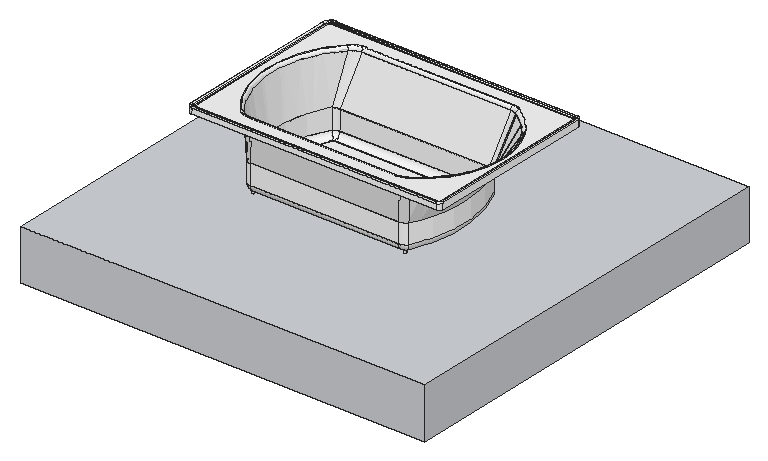
Revit family
Parameters (values of type "Vitreous_China-0-White")
  Width = 5' - 0"
  Waste Connection = yes
  WFU = 0
  Voltage = 120 V
  URL = "http://www.sterlingplumbing.com"
  Sanitary Radius = 1"
  Sanitary Diameter = Sanitary Radius * 2  # 2"
  Sanitary Connector = "Sanitary Connection"  # constant formula
  Product Page URL = "http://search.sterlingplumbing.com/?q=77281100"
  Product Documentation Link = "http://www.sterlingplumbing.com/onlinecatalog/pdf/1139490_4.pdf"
  Phase = 1
  Model = "77281100"  # constant formula
  Manufacturer = "Sterling"  # constant formula
  Length = 3' - 6"
  Height = 1' - 8 5/16"
  Frequency = 60 Hz
  Finish = Vitreous China-Kohler-0-White
  Electrical Disconnect = yes
  Electric Connector = "Electrical Connection"  # constant formula
  Description = "Lawson 42inch Drop-In Air Massage Bath"  # constant formula
  Default Elevation = 0' - 0"
  Created By = "http://medialab3dstudio.com"
  Assembly Code = "D2010510"
Types (4): name | Finish
  (no name) | Vitreous China-Kohler-0-White
  Vitreous_China-0-White | Vitreous China-Kohler-0-White
  Vitreous_China-47-Almond | Vitreous China-Kohler-47-Almond
  Vitreous_China-96-Biscuit | Vitreous China-Kohler-96-Biscuit
Reference planes
  plane 1 "Center (Front/Back)": y = 0
  plane 2 "Bottom": z = 0
  plane 3 "Center (Left/Right)": x = 0
  plane 4: x = -539.778
  plane 5 "Left": x = -762
  plane 6 "Right": x = 762
  plane 7 "Top": z = 515.938
  plane 8: y = 533.4
  plane 9: y = -533.4
Forms (mm)
  Extrusion 1, solid
    sketch origin (0, 0, 0) x (1, 0, 0) y (0, 1, 0)
      loop
        line (-1219.2, 1219.2) -> (-1219.2, -1219.2) -> (1219.2, -1219.2) -> (1219.2, 1219.2) -> (-1219.2, 1219.2)
    from 0 to -304.8
  Sweep 2, solid, material "Vitreous China-Kohler-0-White" <- "Finish", detail levels fine
    path origin (0, 0, 0) x (1, 0, 0) y (0, 1, 0)
      loop
        arc (-748.273, -505.501) -> (-742.436, -515.446) -> (-731.706, -519.673) r 17.669
        line (-731.706, -519.673) -> (740.065, -519.673)
        arc (740.065, -519.673) -> (745.506, -515.686) -> (748.273, -509.534) r 13.226
        line (748.273, -509.534) -> (748.273, 510.272)
        arc (748.273, 510.272) -> (743.903, 517.268) -> (736.119, 519.999) r 12.453
        line (736.119, 519.999) -> (-728.609, 519.672)
        arc (-728.609, 519.672) -> (-746.22, 503.187) -> (-748.273, 479.152) r 33.65
        line (-748.273, 479.152) -> (-748.273, -505.501)
    profile origin (-748.273, -13.174, 0) x (-1, 0, 0) y (0, 0, 1)
      loop
        line (13.727, 476.168) -> (12.817, 511.52)
        arc (12.817, 511.52) -> (11.505, 514.686) -> (8.339, 515.998) r 4.478
        arc (8.339, 515.998) -> (4.696, 514.953) -> (2.16, 512.137) r 6.874
        arc (2.16, 512.137) -> (-0.612, 509.112) -> (-4.585, 508.084) r 7.224
        line (-4.585, 508.084) -> (-7.464, 508.084) -> (-7.464, 476.168) -> (13.727, 476.168)
  Extrusion 3, solid, material "Vitreous China-Kohler-0-White" <- "Finish", detail levels fine
    sketch origin (0, 0, 0) x (1, 0, 0) y (0, 1, 0)
      loop
        arc (-740.489, -509.265) -> (-739.333, -511.052) -> (-737.546, -512.209) r 5.082
        line (-737.546, -512.209) -> (737.593, -512.209)
        arc (737.593, -512.209) -> (739.362, -511.081) -> (740.489, -509.312) r 4.857
        line (740.489, -509.312) -> (740.489, 509.286)
        arc (740.489, 509.286) -> (738.66, 511.643) -> (735.813, 512.535) r 4.989
        line (735.813, 512.535) -> (-737.584, 512.206)
        arc (-737.584, 512.206) -> (-739.356, 511.073) -> (-740.489, 509.301) r 4.896
        line (-740.489, 509.301) -> (-740.489, -509.265)
      loop
        arc (-544.637, -403.273) -> (-511.987, -427.06) -> (-472.478, -435.476) r 96.947
        line (-472.478, -435.476) -> (429.125, -435.476)
        arc (429.125, -435.476) -> (455.763, -429.161) -> (480.478, -417.388) r 129.509
        arc (480.478, -417.388) -> (714.481, 0.784) -> (480.478, 418.956) r 490.645
        arc (480.478, 418.956) -> (456.245, 431.916) -> (429.132, 436.395) r 84.308
        line (429.132, 436.395) -> (-470.013, 436.395)
        arc (-470.013, 436.395) -> (-510.985, 424.728) -> (-544.637, 398.607) r 112.015
        arc (-544.637, 398.607) -> (-695.42, -2.333) -> (-544.637, -403.273) r 608.453
    from 476.168 to 508.084
  Sweep 4, solid, material "Vitreous China-Kohler-0-White" <- "Finish", detail levels fine
    path origin (0, 0, 0) x (1, 0, 0) y (0, 1, 0)
      loop
        arc (480.478, 418.956) -> (456.245, 431.916) -> (429.132, 436.395) r 84.308
        line (429.132, 436.395) -> (-470.013, 436.395)
        arc (-470.013, 436.395) -> (-510.985, 424.728) -> (-544.637, 398.607) r 112.015
        arc (-544.637, 398.607) -> (-695.42, -2.333) -> (-544.637, -403.273) r 608.453
        arc (-544.637, -403.273) -> (-511.987, -427.06) -> (-472.478, -435.476) r 96.947
        line (-472.478, -435.476) -> (429.125, -435.476)
        arc (429.125, -435.476) -> (455.763, -429.161) -> (480.478, -417.388) r 129.509
        arc (480.478, -417.388) -> (714.481, 0.784) -> (480.478, 418.956) r 490.645
    profile origin (714.481, 0.784, 0) x (1, 0, 0) y (0, 0, 1)
      loop
        arc (0, 508.084) -> (-12.224, 500.351) -> (-17.717, 486.97) r 23.815
        line (-17.717, 486.97) -> (-14.53, 486.97)
        arc (-14.53, 486.97) -> (-9.975, 498.088) -> (0, 504.785) r 20.64
        line (0, 504.785) -> (0, 508.084)
  Blend 5, solid, material "Vitreous China-Kohler-0-White" <- "Finish", detail levels fine
    base sketch origin (0, 0, 0) x (1, 0, 0) y (0, 1, 0)
      loop
        arc (-535.929, 338.416) -> (-557.459, 333.54) -> (-576.164, 321.815) r 65.779
        arc (-576.164, 321.815) -> (-659.773, 3.296) -> (-576.427, -315.293) r 649.548
        arc (-576.427, -315.293) -> (-559.175, -332.93) -> (-535.411, -339.558) r 47.59
        line (-535.411, -339.558) -> (359.189, -339.558)
        arc (359.189, -339.558) -> (384.114, -333.317) -> (404.859, -318.157) r 67.027
        arc (404.859, -318.157) -> (480.127, 0.382) -> (404.85, 318.919) r 711.629
        arc (404.85, 318.919) -> (384.186, 333.335) -> (359.508, 338.416) r 62.47
        line (359.508, 338.416) -> (-535.929, 338.416)
    top sketch origin (0, 0, 0) x (1, 0, 0) y (0, 1, 0)
      loop
        line (429.132, 421.865) -> (-469.366, 421.865)
        arc (-469.366, 421.865) -> (-504.69, 411.628) -> (-533.708, 389.033) r 97.485
        arc (-533.708, 389.033) -> (-680.89, -2.289) -> (-533.767, -393.632) r 593.923
        arc (-533.767, -393.632) -> (-506.028, -413.809) -> (-472.478, -420.946) r 82.417
        line (-472.478, -420.946) -> (428.174, -420.946)
        arc (428.174, -420.946) -> (451.357, -415.307) -> (472.878, -405.004) r 114.979
        arc (472.878, -405.004) -> (699.951, 1.179) -> (472.205, 406.984) r 476.115
        arc (472.205, 406.984) -> (451.917, 418.04) -> (429.132, 421.865) r 69.778
    from 194.797 to 486.97
  Extrusion 6, solid, material "Vitreous China-Kohler-0-White" <- "Finish", detail levels fine
    sketch origin (0, 0, 0) x (1, 0, 0) y (0, 1, 0)
      loop
        line (359.508, 335.241) -> (-535.842, 335.241)
        arc (-535.842, 335.241) -> (-556.046, 330.688) -> (-573.659, 319.792) r 62.604
        arc (-573.659, 319.792) -> (-656.598, 3.028) -> (-573.659, -313.737) r 646.373
        arc (-573.659, -313.737) -> (-557.565, -330.193) -> (-535.395, -336.383) r 44.415
        line (-535.395, -336.383) -> (359.105, -336.383)
        arc (359.105, -336.383) -> (382.601, -330.519) -> (402.224, -316.327) r 63.852
        arc (402.224, -316.327) -> (476.952, 0.372) -> (402.224, 317.072) r 708.454
        arc (402.224, 317.072) -> (382.718, 330.51) -> (359.508, 335.241) r 59.295
      loop
        line (359.508, 338.416) -> (-535.929, 338.416)
        arc (-535.929, 338.416) -> (-557.459, 333.54) -> (-576.164, 321.815) r 65.779
        arc (-576.164, 321.815) -> (-659.773, 3.296) -> (-576.427, -315.293) r 649.548
        arc (-576.427, -315.293) -> (-559.175, -332.93) -> (-535.411, -339.558) r 47.59
        line (-535.411, -339.558) -> (359.189, -339.558)
        arc (359.189, -339.558) -> (384.114, -333.317) -> (404.859, -318.157) r 67.027
        arc (404.859, -318.157) -> (480.127, 0.382) -> (404.85, 318.919) r 711.629
        arc (404.85, 318.919) -> (384.186, 333.335) -> (359.508, 338.416) r 62.47
    from 74.782 to 194.797
  Sweep 7, solid, material "Vitreous China-Kohler-0-White" <- "Finish", detail levels fine
    path origin (0, 0, 0) x (1, 0, 0) y (0, 1, 0)
      loop
        arc (-573.659, -313.737) -> (-557.565, -330.193) -> (-535.395, -336.383) r 44.415
        line (-535.395, -336.383) -> (359.105, -336.383)
        arc (359.105, -336.383) -> (382.601, -330.519) -> (402.224, -316.327) r 63.852
        arc (402.224, -316.327) -> (476.952, 0.372) -> (402.224, 317.072) r 708.454
        arc (402.224, 317.072) -> (382.718, 330.51) -> (359.508, 335.241) r 59.295
        line (359.508, 335.241) -> (-535.842, 335.241)
        arc (-535.842, 335.241) -> (-556.046, 330.688) -> (-573.659, 319.792) r 62.604
        arc (-573.659, 319.792) -> (-656.598, 3.028) -> (-573.659, -313.737) r 646.373
    profile origin (-656.598, 3.028, 0) x (-1, 0, 0) y (0, 0, 1)
      loop
        line (-39.015, 35.767) -> (-39.015, 32.592)
        arc (-39.015, 32.592) -> (-9.182, 44.949) -> (3.175, 74.782) r 42.19
        line (3.175, 74.782) -> (0, 74.782)
        arc (0, 74.782) -> (-11.427, 47.194) -> (-39.015, 35.767) r 39.015
  Extrusion 8, solid, material "Vitreous China-Kohler-0-White" <- "Finish", detail levels fine
    sketch origin (0, 0, 0) x (1, 0, 0) y (0, 1, 0)
      loop
        circle (-539.778, 0) r 50.8
      loop
        line (359.508, 296.226) -> (-534.5, 296.226)
        arc (-534.5, 296.226) -> (-539.214, 295.308) -> (-543.644, 293.454) r 23.589
        arc (-543.644, 293.454) -> (-617.569, -1.097) -> (-539.651, -294.617) r 607.358
        arc (-539.651, -294.617) -> (-537.738, -296.591) -> (-535.101, -297.368) r 5.399
        line (-535.101, -297.368) -> (357.812, -297.368)
        arc (357.812, -297.368) -> (364.446, -295.859) -> (370.422, -292.607) r 24.837
        arc (370.422, -292.607) -> (437.937, 0.119) -> (370.643, 292.896) r 669.439
        arc (370.643, 292.896) -> (365.319, 295.376) -> (359.508, 296.226) r 20.28
    from 32.592 to 35.767
  Revolve 9, solid, material "Vitreous China-Kohler-0-White" <- "Finish", detail levels fine
    sketch origin (-0.053, 0, 8.693) x (1, 0, 0) y (0, 0, 1)
      loop
        line (-574.967, 13.995) -> (-571.528, 13.995)
        arc (-571.528, 13.995) -> (-578.617, 23.265) -> (-589.647, 27.077) r 20.229
        line (-589.647, 27.077) -> (-592.591, 27.077) -> (-592.591, 23.899) -> (-589.647, 23.899)
        arc (-589.647, 23.899) -> (-580.921, 21.002) -> (-574.967, 13.995) r 17.054
      axis (-539.725, 13.995) -> (-539.725, 27.077)
    angle from 0 to 360
  Blend 10, solid, material "Vitreous China-Kohler-0-White" <- "Finish", detail levels fine
    base sketch origin (0.445, -50.675, 0) x (1, 0, 0) y (0, 1, 0)
      loop
        circle (-565, -228.6) r 7.577
    top sketch origin (0.445, -50.675, 0) x (1, 0, 0) y (0, 1, 0)
      loop
        circle (-565, -228.6) r 12.7
    from 0 to 32.592
  Blend 11, solid, material "Vitreous China-Kohler-0-White" <- "Finish", detail levels fine
    base sketch origin (914.936, -50.819, 0) x (1, 0, 0) y (0, 1, 0)
      loop
        circle (-565, -228.6) r 7.577
    top sketch origin (914.936, -50.819, 0) x (1, 0, 0) y (0, 1, 0)
      loop
        circle (-565, -228.6) r 12.7
    from 0 to 32.592
  Blend 12, solid, material "Vitreous China-Kohler-0-White" <- "Finish", detail levels fine
    base sketch origin (914.936, 509.045, 0) x (1, 0, 0) y (0, 1, 0)
      loop
        circle (-565, -228.6) r 7.577
    top sketch origin (914.936, 509.045, 0) x (1, 0, 0) y (0, 1, 0)
      loop
        circle (-565, -228.6) r 12.7
    from 0 to 32.592
  Blend 13, solid, material "Vitreous China-Kohler-0-White" <- "Finish", detail levels fine
    base sketch origin (-0.874, 51.95, 0) x (1, 0, 0) y (0, 1, 0)
      loop
        circle (-565, 228.6) r 7.577
    top sketch origin (-0.874, 51.95, 0) x (1, 0, 0) y (0, 1, 0)
      loop
        circle (-565, 228.6) r 12.7
    from 0 to 32.592
  Extrusion 14, solid, material "Vitreous China-Kohler-0-White" <- "Finish", not visible, detail levels fine
    sketch origin (0, 0, 0) x (1, 0, 0) y (0, 1, 0)
      loop
        circle (-546.181, 0) r 25.4
    from 24.659 to 22.688
  Extrusion 15, solid, material "Vitreous China-Kohler-0-White" <- "Finish", detail levels coarse+medium
    sketch origin (0, 0, 0) x (1, 0, 0) y (0, 1, 0)
      loop
        line (-762, 533.4) -> (-762, -533.4) -> (762, -533.4) -> (762, 533.4) -> (-762, 533.4)
    from 0 to 515.938
  Blend 16, void
    base sketch origin (0, 0, 0) x (1, 0, 0) y (0, 1, 0)
      loop
        arc (402.224, 317.072) -> (382.718, 330.51) -> (359.508, 335.241) r 59.295
        line (359.508, 335.241) -> (-535.842, 335.241)
        arc (-535.842, 335.241) -> (-556.046, 330.688) -> (-573.659, 319.792) r 62.604
        arc (-573.659, 319.792) -> (-656.598, 3.028) -> (-573.659, -313.737) r 646.373
        arc (-573.659, -313.737) -> (-557.565, -330.193) -> (-535.395, -336.383) r 44.415
        line (-535.395, -336.383) -> (359.105, -336.383)
        arc (359.105, -336.383) -> (382.601, -330.519) -> (402.224, -316.327) r 63.852
        arc (402.224, -316.327) -> (476.952, 0.372) -> (402.224, 317.072) r 708.454
    top sketch origin (0, 0, 0) x (1, 0, 0) y (0, 1, 0)
      loop
        arc (470.389, 404.373) -> (450.967, 415.009) -> (429.132, 418.69) r 66.603
        line (429.132, 418.69) -> (-469.218, 418.69)
        arc (-469.218, 418.69) -> (-503.312, 408.767) -> (-531.32, 386.94) r 94.31
        arc (-531.32, 386.94) -> (-677.715, -2.278) -> (-531.392, -391.524) r 590.748
        arc (-531.392, -391.524) -> (-504.726, -410.913) -> (-472.478, -417.771) r 79.242
        line (-472.478, -417.771) -> (427.958, -417.771)
        arc (427.958, -417.771) -> (450.391, -412.281) -> (471.217, -402.298) r 111.804
        arc (471.217, -402.298) -> (696.776, 1.27) -> (470.389, 404.373) r 472.94
    from 194.797 to 486.97
  Extrusion 17, solid, material "Vitreous China-Kohler-0-White" <- "Finish", not visible, detail levels fine
    sketch origin (0, 0, 0) x (0, 1, 0) y (0, 0, 1)
      loop
        line (-12.7, 168.266) -> (-12.7, 142.866) -> (12.7, 142.866) -> (12.7, 168.266) -> (-12.7, 168.266)
    from 762 to 769.968
Cuts and joins
  joined: Sweep 4, Extrusion 6
  joined: Extrusion 8, Revolve 9
  Blend 16 cuts Blend 5
Lines and regions (mm)
  Masking region 1, detail levels coarse
    outline origin (0, 0, 0) x (1, 0, 0) y (0, 0, 1)
      loop
        line (-762, 515.938) -> (-762, 0) -> (762, 0) -> (762, 515.938) -> (-762, 515.938)
  Masking region 2, detail levels medium+fine
    outline origin (0, 0, 0) x (1, 0, 0) y (0, 0, 1)
      loop
        line (-678.607, 476.108) -> (-667.432, 194.797) -> (-667.432, 74.782)
        arc (-667.432, 74.782) -> (-655.074, 44.949) -> (-625.242, 32.592) r 42.19
        line (-625.242, 32.592) -> (-590.4, 32.592)
        arc (-590.4, 32.592) -> (-581.237, 29.928) -> (-575.02, 22.688) r 16.731
        line (-575.02, 22.688) -> (-569.415, 22.688) -> (-565.849, 0) -> (-550.694, 0) -> (-546.876, 22.688) -> (-504.535, 22.688)
        arc (-504.535, 22.688) -> (-498.709, 29.885) -> (-489.855, 32.592) r 15.832
        line (-489.855, 32.592) -> (365.382, 32.592) -> (370.504, 0) -> (385.659, 0) -> (390.886, 32.592) -> (435.532, 32.592)
        arc (435.532, 32.592) -> (465.365, 44.949) -> (477.722, 74.782) r 42.19
        line (477.722, 74.782) -> (477.722, 194.797) -> (687.901, 476.108) -> (761.681, 476.108) -> (760.77, 511.46)
        arc (760.77, 511.46) -> (759.459, 514.626) -> (756.293, 515.938) r 4.478
        line (756.293, 515.938) -> (-756.293, 515.938)
        arc (-756.293, 515.938) -> (-759.459, 514.626) -> (-760.77, 511.46) r 4.478
        line (-760.77, 511.46) -> (-761.681, 476.108) -> (-678.607, 476.108)
  Masking region 3, detail levels coarse
    outline origin (0, 0, 0) x (0, 1, 0) y (0, 0, 1)
      loop
        line (533.4, 515.937) -> (-533.4, 515.937) -> (-533.4, 0) -> (533.4, 0) -> (533.4, 515.937)
  Masking region 4, detail levels coarse
    outline origin (0, 0, 0) x (1, 0, 0) y (0, 1, 0)
      loop
        line (-762, 533.4) -> (-762, -533.4) -> (762, -533.4) -> (762, 533.4) -> (-762, 533.4)
  Masking region 5, detail levels medium+fine
    outline origin (0, 0, 0) x (1, 0, 0) y (0, 1, 0)
      loop
        line (-762, 477.376) -> (-762, -506.67)
        arc (-762, -506.67) -> (-751.82, -525.476) -> (-731.958, -533.4) r 31.397
        line (-731.958, -533.4) -> (742.197, -533.4)
        arc (742.197, -533.4) -> (755.626, -524.98) -> (762, -510.468) r 26.953
        line (762, -510.468) -> (762, 511.512)
        arc (762, 511.512) -> (753.172, 527.413) -> (736.116, 533.726) r 26.18
        line (736.116, 533.726) -> (-731.056, 533.399)
        arc (-731.056, 533.399) -> (-757.418, 511.402) -> (-762, 477.376) r 47.378
  Masking region 6, detail levels medium+fine
    outline origin (0, 0, 0) x (0, 1, 0) y (0, 0, 1)
      loop
        arc (532.489, 511.511) -> (531.408, 514.428) -> (528.687, 515.937) r 4.478
        line (528.687, 515.937) -> (-528.745, 515.937)
        arc (-528.745, 515.937) -> (-531.428, 514.415) -> (-532.49, 511.52) r 4.478
        line (-532.49, 511.52) -> (-533.4, 476.168) -> (-417.937, 476.168) -> (-339.558, 194.797) -> (-339.558, 74.782)
        arc (-339.558, 74.782) -> (-327.201, 44.949) -> (-297.368, 32.592) r 42.19
        line (-297.368, 32.592) -> (-292.159, 32.592) -> (-286.997, 0) -> (-271.737, 0) -> (-266.575, 32.592) -> (-233.794, 32.592) -> (-228.632, 0) -> (-212.682, 0) -> (-207.52, 32.592) -> (-49.923, 32.592)
        arc (-49.923, 32.592) -> (-41.068, 29.885) -> (-35.242, 22.688) r 15.832
        line (-35.242, 22.688) -> (35.242, 22.688)
        arc (35.242, 22.688) -> (41.068, 29.885) -> (49.923, 32.592) r 15.832
        line (49.923, 32.592) -> (207.507, 32.592) -> (212.669, 0) -> (232.857, 0) -> (238.076, 32.592) -> (267.835, 32.592) -> (272.997, 0) -> (288.292, 0) -> (293.454, 32.592) -> (296.226, 32.592)
        arc (296.226, 32.592) -> (326.059, 44.949) -> (338.416, 74.782) r 42.19
        line (338.416, 74.782) -> (338.416, 194.797) -> (418.78, 476.168) -> (533.399, 476.168) -> (532.489, 511.511)
  symbolic lines, style "Masking Lines", detail levels fine
    curve 1: line (-761.681, 0, 476.108) -> (761.681, 0, 476.108)
    curve 2: line (-625.242, 0, 32.592) -> (435.532, 0, 32.592)
    curve 3: line (-570.972, 0, 32.592) -> (-565.849, 0, 0)
    curve 4: line (-545.572, 0, 32.592) -> (-550.694, 0, 0)
    curve 5: line (0, -239.502, 32.592) -> (0, 238.732, 32.592)
    curve 6: line (0, -406.435, 476.168) -> (0, 406.764, 476.168)
    curve 7: line (-470.013, 436.395, 0) -> (429.132, 436.395, 0)
    curve 8: arc (429.132, 436.395, 0) -> (456.245, 431.916, 0) -> (480.478, 418.956, 0) r 84.308
    curve 9: arc (480.478, 418.956, 0) -> (714.481, 0.784, 0) -> (480.478, -417.388, 0) r 490.645
    curve 10: arc (480.478, -417.388, 0) -> (455.763, -429.161, 0) -> (429.125, -435.476, 0) r 129.509
    curve 11: line (429.125, -435.476, 0) -> (-472.478, -435.476, 0)
    curve 12: arc (-472.478, -435.476, 0) -> (-511.987, -427.06, 0) -> (-544.637, -403.273, 0) r 96.947
    curve 13: arc (-544.637, -403.273, 0) -> (-695.42, -2.333, 0) -> (-544.637, 398.607, 0) r 608.453
    curve 14: arc (-544.637, 398.607, 0) -> (-510.985, 424.728, 0) -> (-470.013, 436.395, 0) r 112.015
    curve 15: arc (-727.679, 515.088, 0) -> (-742.411, 500.511, 0) -> (-743.688, 479.825, 0) r 29.066
    curve 16: line (-743.688, 479.825, 0) -> (-743.688, -505.01, 0)
    curve 17: arc (-743.688, -505.01, 0) -> (-739.329, -512.069, 0) -> (-731.6, -515.088, 0) r 13.085
    curve 18: line (-731.6, -515.088, 0) -> (739.1, -515.088, 0)
    curve 19: arc (739.1, -515.088, 0) -> (742.079, -512.628, 0) -> (743.688, -509.115, 0) r 8.641
    curve 20: line (743.688, -509.115, 0) -> (743.688, 509.705, 0)
    curve 21: arc (743.688, 509.705, 0) -> (740.86, 513.827, 0) -> (736.12, 515.414, 0) r 7.868
    curve 22: line (736.12, 515.414, 0) -> (-727.679, 515.088, 0)
    curve 23: arc (470.389, 404.373, 0) -> (696.776, 1.27, 0) -> (471.217, -402.298, 0) r 472.94
    curve 24: arc (471.217, -402.298, 0) -> (450.391, -412.281, 0) -> (427.958, -417.771, 0) r 111.804
    curve 25: line (427.958, -417.771, 0) -> (-472.478, -417.771, 0)
    curve 26: arc (-472.478, -417.771, 0) -> (-504.726, -410.913, 0) -> (-531.392, -391.524, 0) r 79.242
    curve 27: arc (-531.392, -391.524, 0) -> (-677.715, -2.278, 0) -> (-531.32, 386.94, 0) r 590.748
    curve 28: arc (-531.32, 386.94, 0) -> (-503.312, 408.767, 0) -> (-469.218, 418.69, 0) r 94.31
    curve 29: line (-469.218, 418.69, 0) -> (429.132, 418.69, 0)
    curve 30: arc (429.132, 418.69, 0) -> (450.967, 415.009, 0) -> (470.389, 404.373, 0) r 66.603
    curve 31: arc (359.508, 335.241, 0) -> (382.718, 330.51, 0) -> (402.224, 317.072, 0) r 59.295
    curve 32: arc (402.224, 317.072, 0) -> (476.952, 0.372, 0) -> (402.224, -316.327, 0) r 708.454
    curve 33: arc (402.224, -316.327, 0) -> (382.601, -330.519, 0) -> (359.105, -336.383, 0) r 63.852
    curve 34: line (359.105, -336.383, 0) -> (-535.395, -336.383, 0)
    curve 35: arc (-535.395, -336.383, 0) -> (-557.565, -330.193, 0) -> (-573.659, -313.737, 0) r 44.415
    curve 36: arc (-573.659, -313.737, 0) -> (-656.598, 3.028, 0) -> (-573.659, 319.792, 0) r 646.373
    curve 37: arc (-573.659, 319.792, 0) -> (-556.046, 330.688, 0) -> (-535.842, 335.241, 0) r 62.604
    curve 38: line (-535.842, 335.241, 0) -> (359.508, 335.241, 0)
    curve 39: line (359.508, 296.226, 0) -> (-534.5, 296.226, 0)
    curve 40: arc (370.643, 292.896, 0) -> (365.319, 295.376, 0) -> (359.508, 296.226, 0) r 20.28
    curve 41: arc (370.422, -292.607, 0) -> (437.937, 0.119, 0) -> (370.643, 292.896, 0) r 669.439
    curve 42: arc (357.812, -297.368, 0) -> (364.446, -295.859, 0) -> (370.422, -292.607, 0) r 24.837
    curve 43: line (-535.101, -297.368, 0) -> (357.812, -297.368, 0)
    curve 44: arc (-539.651, -294.617, 0) -> (-537.738, -296.591, 0) -> (-535.101, -297.368, 0) r 5.399
    curve 45: arc (-543.644, 293.454, 0) -> (-617.569, -1.097, 0) -> (-539.651, -294.617, 0) r 607.358
    curve 46: arc (-534.5, 296.226, 0) -> (-539.214, 295.308, 0) -> (-543.644, 293.454, 0) r 23.589
    curve 47: arc (-489.855, 0, 0) -> (-539.778, 49.923, 0) -> (-589.7, 0, 0) r 49.923
    curve 48: arc (-589.7, 0, 0) -> (-539.778, -49.923, 0) -> (-489.855, 0, 0) r 49.923
    curve 49: arc (-571.581, 0, 0) -> (-539.831, -31.75, 0) -> (-508.081, 0, 0) r 31.75
    curve 50: arc (-508.081, 0, 0) -> (-539.831, 31.75, 0) -> (-571.581, 0, 0) r 31.75
    curve 51: line (0, 293.454, 32.592) -> (0, -294.617, 32.592)
    curve 52: line (0, 418.956, 476.168) -> (0, -417.937, 476.168)
Dimensions and locks
  "Width": plane 5 "Left" to plane 6 "Right"
  "Height": plane 7 "Top" to plane 2 "Bottom"
  "Length": plane 8 to plane 9
  equal spacing: plane 8, plane 1 "Center (Front/Back)", plane 9
  "Sanitary Radius": radius of Extrusion 14 sketch curve
  aligned and locked: plane 2 "Bottom" to Extrusion 1
  aligned and locked: level to Extrusion 1
  aligned and locked: Extrusion 15 to plane 9
  aligned and locked: plane 8 to Extrusion 15
  aligned and locked: Extrusion 15 to plane 6 "Right"
  aligned and locked: plane 5 "Left" to Extrusion 15
Automatic sketch dimensions
  curve 3 to level = 0' - 0"
  curve 4 to level = 0' - 0"
  curve 1 to plane 5 "Left" = 0' - 0.01257"
  level to curve 2 = 0' - 1.28315"
  curve 2 to plane 5 "Left" = 0' - 5.38419"
  curve 2 to curve 3 = 0' - 2.1366"
  curve 3 to curve 3 = 0' - 0.20168"
  curve 3 to curve 4 = 0' - 0.59665"
  curve 3 to curve 4 = 0' - 1"
  plane 6 "Right" to curve 2 = 1' - 0.85306"
  plane 6 "Right" to curve 1 = 0' - 0.01257"
  curve 1 to plane 7 "Top" = 0' - 1.56808"
  Extrusion 1 sketch curve to Extrusion 1 sketch curve = 8' - 0"  (x2)
  Sweep 2 sketch curve to plane 5 "Left" = 0' - 0.54044"
  plane 9 to Sweep 2 sketch curve = 0' - 0.54044"
  Sweep 2 sketch curve to Sweep 2 sketch curve = 0' - 0.65224"
  Sweep 2 sketch curve to Sweep 2 sketch curve = 0' - 0.02977"
  Sweep 2 sketch curve to plane 8 = 0' - 0.54046"
  Sweep 2 sketch curve to plane 5 "Left" = 0' - 1.3146"
  Sweep 2 sketch curve to Sweep 2 sketch curve = 0' - 0.49856"
  plane 6 "Right" to Sweep 2 sketch curve = 0' - 1.05408"
  Sweep 2 sketch curve to plane 8 = 0' - 0.52761"
  plane 6 "Right" to Sweep 2 sketch curve = 0' - 1.01893"
  Sweep 2 sketch curve to Sweep 2 sketch curve = 0' - 0.00011"
  Sweep 2 sketch curve to Sweep 2 sketch curve = 0' - 0.19049"
  Sweep 2 sketch curve to Sweep 2 sketch curve = 0' - 0.32314"
  Sweep 2 sketch curve to Sweep 2 sketch curve = 0' - 0.39915"
  Sweep 2 sketch curve to Sweep 2 sketch curve = 0' - 0.55795"
  Sweep 2 sketch curve to Sweep 2 sketch curve = 0' - 1.5953"
  Sweep 2 sketch curve to Sweep 2 sketch curve = 0' - 0.49027"
  profile plane to Sweep 2 sketch curve = 0' - 0.29386"
  Sweep 2 sketch curve to Sweep 2 sketch curve = 0' - 0.11335"
  profile plane to Sweep 2 sketch curve = 0' - 0.17058"
  Sweep 2 sketch curve to profile plane = 0' - 0.08506"
  Sweep 2 sketch curve to Sweep 2 sketch curve = 0' - 0"
  Sweep 2 sketch curve to Sweep 2 sketch curve = 0' - 0.24325"
  Sweep 2 sketch curve to Sweep 2 sketch curve = 0' - 0.17631"
  Sweep 2 sketch curve to profile plane = 0' - 0.54044"
  level to Sweep 2 sketch curve = 1' - 6.74679"
  Sweep 2 sketch curve to Sweep 2 sketch curve = 0' - 1.25653"
  Sweep 2 sketch curve to Sweep 2 sketch curve = 0' - 0.04093"
  Sweep 2 sketch curve to Sweep 2 sketch curve = 0' - 0.09433"
  Extrusion 3 sketch curve to plane 5 "Left" = 0' - 0.84687"
  Extrusion 3 sketch curve to Extrusion 3 sketch curve = 0' - 0.11438"
  Extrusion 3 sketch curve to Extrusion 3 sketch curve = 0' - 0.1159"
  Extrusion 3 sketch curve to Extrusion 3 sketch curve = 0' - 0.06653"
  Extrusion 3 sketch curve to Extrusion 3 sketch curve = 0' - 0.07111"  (x2)
  Extrusion 3 sketch curve to plane 5 "Left" = 0' - 8.55759"  (x2)
  Extrusion 3 sketch curve to Extrusion 3 sketch curve = 0' - 0"  (x2)
  Extrusion 3 sketch curve to Extrusion 3 sketch curve = 0' - 2.84092"
  Extrusion 3 sketch curve to Extrusion 3 sketch curve = 0' - 2.93795"
  Extrusion 3 sketch curve to Extrusion 3 sketch curve = 0' - 0.37923"
  plane 1 "Center (Front/Back)" to Extrusion 3 sketch curve = 0' - 0.09185"
  Extrusion 3 sketch curve to plane 3 "Center (Left/Right)" = 0' - 3.4239"
  Extrusion 3 sketch curve to plane 1 "Center (Front/Back)" = 0' - 0.03087"
  plane 3 "Center (Left/Right)" to Extrusion 3 sketch curve = 0' - 8.81245"
  plane 9 to Extrusion 3 sketch curve = 0' - 8.91305"
  Extrusion 3 sketch curve to Extrusion 3 sketch curve = 0' - 7.43698"
  Extrusion 3 sketch curve to Extrusion 3 sketch curve = 0' - 0.64523"
  plane 6 "Right" to Extrusion 3 sketch curve = 1' - 1.10503"
  Extrusion 3 sketch curve to Extrusion 3 sketch curve = 0' - 2.02178"
  Extrusion 3 sketch curve to Extrusion 3 sketch curve = 0' - 2.02148"
  plane 6 "Right" to Extrusion 3 sketch curve = 0' - 1.03099"
  Extrusion 3 sketch curve to Extrusion 3 sketch curve = 0' - 0.00004"
  plane 6 "Right" to Extrusion 3 sketch curve = 0' - 1.0265"
  Extrusion 3 sketch curve to Extrusion 3 sketch curve = 0' - 0.0656"
  Extrusion 3 sketch curve to Extrusion 3 sketch curve = 0' - 0.11403"
  plane 9 to Extrusion 3 sketch curve = 0' - 1.0213"
  plane 9 to Extrusion 3 sketch curve = 0' - 1.01393"
  Extrusion 3 sketch curve to Extrusion 3 sketch curve = 0' - 1.26784"
  Extrusion 3 sketch curve to plane 8 = 0' - 1.01789"
  Extrusion 3 sketch curve to plane 8 = 0' - 1.01531"
  Extrusion 3 sketch curve to Extrusion 3 sketch curve = 0' - 0.06853"
  Extrusion 3 sketch curve to Extrusion 3 sketch curve = 0' - 0.06655"
  Sweep 4 sketch curve to plane 8 = 0' - 5.3068"
  Sweep 4 sketch curve to plane 5 "Left" = 0' - 8.55759"  (x2)
  plane 9 to Sweep 4 sketch curve = 0' - 5.12309"
  Sweep 4 sketch curve to Sweep 4 sketch curve = 0' - 0"  (x4)
  Sweep 4 sketch curve to Sweep 4 sketch curve = 0' - 2.84092"
  Sweep 4 sketch curve to Sweep 4 sketch curve = 0' - 2.93795"
  Sweep 4 sketch curve to Sweep 4 sketch curve = 0' - 0.37923"
  Sweep 4 sketch curve to plane 3 "Center (Left/Right)" = 0' - 3.4239"
  Sweep 4 sketch curve to plane 1 "Center (Front/Back)" = 0' - 0.03087"
  plane 3 "Center (Left/Right)" to Sweep 4 sketch curve = 0' - 8.81245"
  plane 9 to Sweep 4 sketch curve = 0' - 8.91305"
  Sweep 4 sketch curve to Sweep 4 sketch curve = 0' - 7.43698"
  Sweep 4 sketch curve to Sweep 4 sketch curve = 0' - 0.64523"
  plane 6 "Right" to Sweep 4 sketch curve = 1' - 1.10503"
  Sweep 4 sketch curve to Sweep 4 sketch curve = 0' - 2.02178"
  Sweep 4 sketch curve to Sweep 4 sketch curve = 0' - 2.02148"
  profile plane to Sweep 4 sketch curve = 0' - 0"
  profile plane to Sweep 4 sketch curve = 0' - 0.57205"
  Sweep 4 sketch curve to Sweep 4 sketch curve = 0' - 0.12548"
  Sweep 4 sketch curve to profile plane = 0' - 0.23701"
  level to Sweep 4 sketch curve = 1' - 7.09616"
  Sweep 4 sketch curve to Sweep 4 sketch curve = 0' - 0.07588"
  Blend 5 sketch curve to plane 5 "Left" = 0' - 7.30602"
  Blend 5 sketch curve to Blend 5 sketch curve = 0' - 0"  (x3)
  Blend 5 sketch curve to plane 5 "Left" = 0' - 7.31637"
  Blend 5 sketch curve to Blend 5 sketch curve = 0' - 1.58408"
  Blend 5 sketch curve to Blend 5 sketch curve = 0' - 1.61482"
  Blend 5 sketch curve to Blend 5 sketch curve = 0' - 1.6332"
  Blend 5 sketch curve to Blend 5 sketch curve = 0' - 0.14008"
  Blend 5 sketch curve to plane 1 "Center (Front/Back)" = 0' - 0.01466"
  Blend 5 sketch curve to plane 3 "Center (Left/Right)" = 0' - 9.11424"
  Blend 5 sketch curve to plane 1 "Center (Front/Back)" = 0' - 0.1192"
  Blend 5 sketch curve to plane 3 "Center (Left/Right)" = 0' - 0.40257"
  plane 3 "Center (Left/Right)" to Blend 5 sketch curve = 1' - 2.00284"
  Blend 5 sketch curve to Blend 5 sketch curve = 0' - 0.13847"
  Blend 5 sketch curve to plane 8 = 0' - 10.13598"
  plane 3 "Center (Left/Right)" to Blend 5 sketch curve = 1' - 2.15387"
  Blend 5 sketch curve to Blend 5 sketch curve = 0' - 1.78511"
  Blend 5 sketch curve to Blend 5 sketch curve = 0' - 1.79802"
  plane 9 to Blend 5 sketch curve = 0' - 10.26681"
  plane 1 "Center (Front/Back)" to Blend 5 sketch curve = 0' - 11.49491"
  Blend 5 sketch curve to plane 5 "Left" = 0' - 8.98557"
  Blend 5 sketch curve to plane 5 "Left" = 0' - 8.98788"
  Blend 5 sketch curve to Blend 5 sketch curve = 0' - 2.41294"
  Blend 5 sketch curve to Blend 5 sketch curve = 0' - 2.53316"
  Blend 5 sketch curve to Blend 5 sketch curve = 0' - 0.35373"
  plane 1 "Center (Front/Back)" to Blend 5 sketch curve = 0' - 0.09185"
  Blend 5 sketch curve to plane 3 "Center (Left/Right)" = 0' - 3.4239"
  Blend 5 sketch curve to plane 1 "Center (Front/Back)" = 0' - 0.03087"
  plane 3 "Center (Left/Right)" to Blend 5 sketch curve = 0' - 8.81245"
  plane 9 to Blend 5 sketch curve = 0' - 8.91305"
  Blend 5 sketch curve to Blend 5 sketch curve = 0' - 7.43698"
  Blend 5 sketch curve to Blend 5 sketch curve = 0' - 0.60781"
  Blend 5 sketch curve to plane 8 = 0' - 4.39115"
  plane 6 "Right" to Blend 5 sketch curve = 1' - 1.10503"
  Blend 5 sketch curve to Blend 5 sketch curve = 0' - 1.69576"
  Blend 5 sketch curve to Blend 5 sketch curve = 0' - 1.75999"
  Sweep 7 sketch curve to Sweep 7 sketch curve = 0' - 0"  (x3)
  Sweep 7 sketch curve to profile plane = 0' - 0"
  profile plane to Sweep 7 sketch curve = 0' - 1.53603"
  Sweep 7 sketch curve to Sweep 7 sketch curve = 0' - 0 1/8"
  level to Sweep 7 sketch curve = 0' - 1.28315"
  Revolve 9 sketch curve to Revolve 9 sketch curve = 0' - 0"  (x2)
  level to Revolve 9 sketch curve = 0' - 1.28315"
  Revolve 9 sketch curve to plane 5 "Left" = 0' - 6.66754"
  Revolve 9 sketch curve to Revolve 9 sketch curve = 0' - 0.08396"
  Revolve 9 sketch curve to Revolve 9 sketch curve = 0' - 0.11591"  (x2)
  Revolve 9 sketch curve to Revolve 9 sketch curve = 0' - 0.60991"
  Revolve 9 sketch curve to Revolve 9 sketch curve = 0' - 0.13539"
  level to Revolve 9 sketch curve = 0' - 0.50324"
  Revolve 9 sketch curve to Revolve 9 sketch curve = 0' - 1.25211"
  level to Revolve 9 sketch curve = 0' - 0.61249"
  Revolve 9 sketch curve to Revolve 9 sketch curve = 0' - 1.15798"
  Blend 10 sketch curve to plane 5 "Left" = 0' - 7.77339"  (x2)
  plane 1 "Center (Front/Back)" to Blend 10 sketch curve = 0' - 10.99507"  (x2)
  plane 3 "Center (Left/Right)" to Blend 11 sketch curve = 1' - 1.77699"  (x2)
  plane 1 "Center (Front/Back)" to Blend 11 sketch curve = 0' - 11.00076"  (x2)
  plane 3 "Center (Left/Right)" to Blend 12 sketch curve = 1' - 1.77699"  (x2)
  Blend 12 sketch curve to plane 1 "Center (Front/Back)" = 0' - 11.04113"  (x2)
  plane 5 "Left" to Blend 13 sketch curve = 0' - 7.72148"  (x2)
  plane 1 "Center (Front/Back)" to Blend 13 sketch curve = 0' - 11.0453"  (x2)
  plane 1 "Center (Front/Back)" to Extrusion 14 sketch curve = 0' - 0"
  Extrusion 14 sketch curve to plane 5 "Left" = 0' - 7.4968"
  Masking region 1 sketch curve to level = 0' - 0"
  plane 5 "Left" to Masking region 1 sketch curve = 0' - 0"
  plane 6 "Right" to Masking region 1 sketch curve = 0' - 0"
  Masking region 1 sketch curve to plane 7 "Top" = 0' - 0"
  Masking region 2 sketch curve to plane 7 "Top" = 0' - 0"
  Masking region 2 sketch curve to level = 0' - 0"  (x2)
  Masking region 2 sketch curve to plane 5 "Left" = 0' - 0.01257"
  Masking region 2 sketch curve to plane 5 "Left" = 0' - 0.04841"
  Masking region 2 sketch curve to plane 5 "Left" = 0' - 0.2247"
  Masking region 2 sketch curve to plane 7 "Top" = 0' - 1.56808"
  Masking region 2 sketch curve to Masking region 2 sketch curve = 0' - 3.27063"
  Masking region 2 sketch curve to plane 5 "Left" = 0' - 3.72316"
  Masking region 2 sketch curve to Masking region 2 sketch curve = 0' - 1.66103"  (x2)
  Masking region 2 sketch curve to Masking region 2 sketch curve = 0' - 1.37171"
  Masking region 2 sketch curve to Masking region 2 sketch curve = 0' - 0.00414"
  Masking region 2 sketch curve to Masking region 2 sketch curve = 0' - 0.60137"
  level to Masking region 2 sketch curve = 0' - 0.89324"
  Masking region 2 sketch curve to Masking region 2 sketch curve = 0' - 0.22066"
  Masking region 2 sketch curve to Masking region 2 sketch curve = 0' - 0.14039"
  Masking region 2 sketch curve to Masking region 2 sketch curve = 0' - 0.59665"  (x2)
  Masking region 2 sketch curve to Masking region 2 sketch curve = 0' - 0.88737"
  Masking region 2 sketch curve to Masking region 2 sketch curve = 0' - 1.66697"
  Masking region 2 sketch curve to Masking region 2 sketch curve = 0' - 0.57796"
  level to Masking region 2 sketch curve = 0' - 1.28315"  (x2)
  plane 3 "Center (Left/Right)" to Masking region 2 sketch curve = 1' - 2.3851"
  Masking region 2 sketch curve to Masking region 2 sketch curve = 0' - 0.20168"
  Masking region 2 sketch curve to Masking region 2 sketch curve = 0' - 1.00412"
  Masking region 2 sketch curve to Masking region 2 sketch curve = 0' - 1.75772"
  plane 6 "Right" to Masking region 2 sketch curve = 0' - 2.91727"
  plane 6 "Right" to Masking region 2 sketch curve = 0' - 0.2247"
  plane 6 "Right" to Masking region 2 sketch curve = 0' - 0.04841"
  plane 6 "Right" to Masking region 2 sketch curve = 0' - 0.01257"
  level to Masking region 2 sketch curve = 0' - 0.62446"
  Masking region 2 sketch curve to Masking region 2 sketch curve = 0' - 0.62331"
  Masking region 2 sketch curve to Masking region 2 sketch curve = 0' - 4.72501"  (x2)
  Masking region 2 sketch curve to Masking region 2 sketch curve = 0' - 1.39179"
  Masking region 3 sketch curve to plane 7 "Top" = 0' - 0"
  Masking region 3 sketch curve to level = 0' - 0"
  plane 9 to Masking region 3 sketch curve = 0' - 0"
  Masking region 3 sketch curve to plane 8 = 0' - 0"
  Extrusion 15 sketch curve to plane 5 "Left" = 0' - 0"
  Extrusion 15 sketch curve to plane 6 "Right" = 0' - 0"
  Extrusion 15 sketch curve to plane 9 = 0' - 0"
  Extrusion 15 sketch curve to plane 8 = 0' - 0"
  Blend 16 sketch curve to Blend 16 sketch curve = 0' - 0"  (x3)
  plane 9 to Blend 16 sketch curve = 0' - 5.58566"
  Blend 16 sketch curve to plane 5 "Left" = 0' - 9.07906"
  Blend 16 sketch curve to plane 8 = 0' - 5.76613"
  Blend 16 sketch curve to plane 5 "Left" = 0' - 9.08191"
  Blend 16 sketch curve to Blend 16 sketch curve = 0' - 2.31945"
  Blend 16 sketch curve to Blend 16 sketch curve = 0' - 2.44495"
  Blend 16 sketch curve to Blend 16 sketch curve = 0' - 0.34791"
  plane 1 "Center (Front/Back)" to Blend 16 sketch curve = 0' - 0.09185"
  Blend 16 sketch curve to plane 1 "Center (Front/Back)" = 0' - 0.03087"
  plane 3 "Center (Left/Right)" to Blend 16 sketch curve = 0' - 8.81245"
  plane 9 to Blend 16 sketch curve = 0' - 8.91305"
  Blend 16 sketch curve to Blend 16 sketch curve = 0' - 7.43698"
  Blend 16 sketch curve to Blend 16 sketch curve = 0' - 0.59932"
  plane 6 "Right" to Blend 16 sketch curve = 1' - 1.10503"
  Blend 16 sketch curve to Blend 16 sketch curve = 0' - 1.62427"
  Blend 16 sketch curve to Blend 16 sketch curve = 0' - 1.70309"
  Blend 16 sketch curve to plane 5 "Left" = 0' - 7.41498"  (x2)
  Blend 16 sketch curve to Blend 16 sketch curve = 0' - 1.48889"
  Blend 16 sketch curve to Blend 16 sketch curve = 0' - 1.50649"
  Blend 16 sketch curve to Blend 16 sketch curve = 0' - 1.52423"
  Blend 16 sketch curve to Blend 16 sketch curve = 0' - 0.13665"
  Blend 16 sketch curve to plane 1 "Center (Front/Back)" = 0' - 0.01466"
  Blend 16 sketch curve to plane 3 "Center (Left/Right)" = 0' - 9.11424"
  Blend 16 sketch curve to plane 1 "Center (Front/Back)" = 0' - 0.1192"
  Blend 16 sketch curve to plane 3 "Center (Left/Right)" = 0' - 0.40257"
  plane 3 "Center (Left/Right)" to Blend 16 sketch curve = 1' - 2.00284"
  Blend 16 sketch curve to Blend 16 sketch curve = 0' - 0.13514"
  Blend 16 sketch curve to plane 8 = 0' - 10.13598"
  plane 3 "Center (Left/Right)" to Blend 16 sketch curve = 1' - 2.15387"
  Blend 16 sketch curve to Blend 16 sketch curve = 0' - 1.68173"
  Blend 16 sketch curve to Blend 16 sketch curve = 0' - 1.69761"
  plane 1 "Center (Front/Back)" to Blend 16 sketch curve = 0' - 10.73319"
  plane 1 "Center (Front/Back)" to Blend 16 sketch curve = 0' - 11.49491"
  Extrusion 6 sketch curve to Extrusion 6 sketch curve = 0' - 0"  (x23)
  Extrusion 6 sketch curve to Extrusion 6 sketch curve = 0' - 1.48889"
  Extrusion 6 sketch curve to Extrusion 6 sketch curve = 0' - 1.50649"
  Extrusion 6 sketch curve to plane 1 "Center (Front/Back)" = 0' - 0.01466"
  Extrusion 6 sketch curve to plane 1 "Center (Front/Back)" = 0' - 0.1192"
  Extrusion 6 sketch curve to plane 3 "Center (Left/Right)" = 0' - 0.40257"
  Extrusion 6 sketch curve to Extrusion 6 sketch curve = 0' - 0.10896"
  Extrusion 6 sketch curve to Extrusion 6 sketch curve = 0' - 0.09861"
  Extrusion 6 sketch curve to Extrusion 6 sketch curve = 0' - 0.00342"
  Extrusion 6 sketch curve to Extrusion 6 sketch curve = 0' - 0.00062"
  Extrusion 6 sketch curve to Extrusion 6 sketch curve = 0' - 0.00332"
  Extrusion 6 sketch curve to Extrusion 6 sketch curve = 0' - 0.10338"
  Extrusion 6 sketch curve to Extrusion 6 sketch curve = 0' - 0.13514"
  Extrusion 6 sketch curve to Extrusion 6 sketch curve = 0' - 0.10373"
  Extrusion 6 sketch curve to Extrusion 6 sketch curve = 0' - 8.71166"
  Extrusion 6 sketch curve to plane 5 "Left" = 0' - 9.04053"
  Extrusion 6 sketch curve to plane 5 "Left" = 0' - 8.93922"
  Extrusion 6 sketch curve to Extrusion 6 sketch curve = 0' - 0.01775"
  Extrusion 6 sketch curve to Extrusion 6 sketch curve = 0' - 0.13665"
  plane 3 "Center (Left/Right)" to Extrusion 6 sketch curve = 1' - 2.00284"
  Extrusion 6 sketch curve to plane 8 = 0' - 10.13598"
  plane 3 "Center (Left/Right)" to Extrusion 6 sketch curve = 1' - 2.15387"
  Extrusion 6 sketch curve to Extrusion 6 sketch curve = 0' - 1.69761"
  Extrusion 6 sketch curve to Extrusion 6 sketch curve = 0' - 1.68173"
  plane 1 "Center (Front/Back)" to Extrusion 6 sketch curve = 0' - 10.73319"
  Sweep 7 sketch curve to plane 5 "Left" = 0' - 7.41498"  (x2)
  Sweep 7 sketch curve to Sweep 7 sketch curve = 0' - 1.48889"
  Sweep 7 sketch curve to Sweep 7 sketch curve = 0' - 1.62555"
  Sweep 7 sketch curve to plane 1 "Center (Front/Back)" = 0' - 0.1192"
  Sweep 7 sketch curve to plane 3 "Center (Left/Right)" = 0' - 0.40257"
  plane 9 to Sweep 7 sketch curve = 0' - 8.64816"
  Sweep 7 sketch curve to Sweep 7 sketch curve = 0' - 1.8527"
  plane 3 "Center (Left/Right)" to Sweep 7 sketch curve = 1' - 2.15387"
  Sweep 7 sketch curve to Sweep 7 sketch curve = 0' - 1.68173"
  Sweep 7 sketch curve to Sweep 7 sketch curve = 0' - 2.33447"
  Sweep 7 sketch curve to plane 1 "Center (Front/Back)" = 0' - 0.01466"
  Sweep 7 sketch curve to Sweep 7 sketch curve = 0' - 8.71166"
  plane 9 to Sweep 7 sketch curve = 0' - 8.54618"
  Sweep 7 sketch curve to Sweep 7 sketch curve = 0' - 1.83276"
  Sweep 7 sketch curve to Sweep 7 sketch curve = 0' - 1.69761"
  Sweep 7 sketch curve to Sweep 7 sketch curve = 0' - 0.78961"
  Sweep 7 sketch curve to Sweep 7 sketch curve = 0' - 1.50649"
  plane 1 "Center (Front/Back)" to Extrusion 8 sketch curve = 0' - 0"
  Extrusion 8 sketch curve to plane 4 = 0' - 0"
  Extrusion 8 sketch curve to plane 4 = 0' - 0.20779"
  plane 3 "Center (Left/Right)" to Extrusion 8 sketch curve = 1' - 2.15387"
  Extrusion 8 sketch curve to plane 8 = 0' - 9.33755"
  Extrusion 8 sketch curve to Extrusion 8 sketch curve = 0' - 0.43836"
  Extrusion 8 sketch curve to Extrusion 8 sketch curve = 0' - 0.79844"
  Extrusion 8 sketch curve to plane 1 "Center (Front/Back)" = 0' - 0.01466"
  Extrusion 8 sketch curve to plane 3 "Center (Left/Right)" = 0' - 9.11424"
  plane 9 to Extrusion 8 sketch curve = 0' - 9.48006"
  Extrusion 8 sketch curve to Extrusion 8 sketch curve = 0' - 0.58069"
  Extrusion 8 sketch curve to Extrusion 8 sketch curve = 0' - 0.49645"
  Extrusion 8 sketch curve to Extrusion 8 sketch curve = 0' - 0.18745"
  Extrusion 8 sketch curve to plane 4 = 0' - 0.18412"
  Extrusion 8 sketch curve to plane 4 = 0' - 0.00501"
  Extrusion 8 sketch curve to plane 4 = 0' - 0.19031"
  Extrusion 8 sketch curve to Extrusion 8 sketch curve = 0' - 0.10831"
  plane 4 to Extrusion 8 sketch curve = 0' - 0.15223"
  Extrusion 8 sketch curve to Extrusion 8 sketch curve = 0' - 0"
  Extrusion 8 sketch curve to plane 1 "Center (Front/Back)" = 0' - 0.1192"
  Extrusion 8 sketch curve to plane 4 = 0' - 0.29162"
  Masking region 4 sketch curve to plane 5 "Left" = 0' - 0"
  Masking region 4 sketch curve to plane 6 "Right" = 0' - 0"
  Masking region 4 sketch curve to plane 9 = 0' - 0"
  Masking region 4 sketch curve to plane 8 = 0' - 0"
  Masking region 5 sketch curve to plane 5 "Left" = 0' - 0"
  Masking region 5 sketch curve to plane 9 = 0' - 0"
  Masking region 5 sketch curve to plane 6 "Right" = 0' - 0"
  Masking region 5 sketch curve to plane 5 "Left" = 0' - 1.18277"
  Masking region 5 sketch curve to plane 8 = 0' - 0.00004"
  Masking region 5 sketch curve to plane 5 "Left" = 0' - 1.21826"
  Masking region 5 sketch curve to plane 5 "Left" = 0' - 1.22246"
  Masking region 5 sketch curve to plane 8 = 0' - 1.76789"
  Masking region 5 sketch curve to plane 5 "Left" = 0' - 1.81316"
  plane 6 "Right" to Masking region 5 sketch curve = 0' - 1.05408"
  plane 8 to Masking region 5 sketch curve = 0' - 0.01283"
  plane 6 "Right" to Masking region 5 sketch curve = 0' - 1.01905"
  plane 6 "Right" to Masking region 5 sketch curve = 0' - 1.01882"
  plane 6 "Right" to Masking region 5 sketch curve = 0' - 0.77966"
  plane 9 to Masking region 5 sketch curve = 0' - 0.90285"
  plane 9 to Masking region 5 sketch curve = 0' - 1.05236"
  Masking region 5 sketch curve to Masking region 5 sketch curve = 0' - 1.03072"
  curve 14 to plane 5 "Left" = 0' - 8.55759"
  curve 13 to curve 14 = 0' - 0"
  plane 9 to curve 13 = 0' - 5.12309"
  curve 13 to plane 5 "Left" = 0' - 8.55759"
  curve 13 to curve 12 = 0' - 2.84092"
  curve 14 to curve 7 = 0' - 2.93795"
  curve 14 to curve 14 = 0' - 0.37923"
  plane 1 "Center (Front/Back)" to curve 13 = 0' - 0.09185"
  curve 13 to plane 3 "Center (Left/Right)" = 0' - 3.4239"
  curve 9 to plane 1 "Center (Front/Back)" = 0' - 0.03087"
  plane 3 "Center (Left/Right)" to curve 9 = 0' - 8.81245"
  plane 9 to curve 10 = 0' - 8.91305"
  curve 9 to curve 10 = 0' - 7.43698"
  curve 10 to curve 10 = 0' - 0.64523"
  curve 10 to curve 9 = 0' - 2.02178"
  curve 7 to curve 8 = 0' - 2.02148"
  curve 10 to curve 9 = 0' - 0"
  curve 15 to plane 5 "Left" = 0' - 1.81316"
  curve 15 to curve 15 = 0' - 0.46194"
  curve 17 to plane 5 "Left" = 0' - 1.22246"
  curve 18 to curve 17 = 0' - 0.02561"
  curve 16 to plane 5 "Left" = 0' - 0.72095"
  plane 6 "Right" to curve 19 = 0' - 1.05408"
  plane 6 "Right" to curve 22 = 0' - 1.01889"
  curve 22 to curve 21 = 0' - 0.00007"
  curve 19 to curve 19 = 0' - 0.1525"
  curve 21 to curve 20 = 0' - 0.29787"
  plane 9 to curve 17 = 0' - 1.23545"
  curve 17 to curve 17 = 0' - 0.11774"
  curve 19 to curve 19 = 0' - 0.30409"
  curve 15 to plane 8 = 0' - 2.10924"
  curve 15 to curve 15 = 0' - 0.34135"
  curve 21 to plane 8 = 0' - 1.01789"
  curve 21 to curve 21 = 0' - 0.08503"
  curve 9 to curve 23 = 0' - 0"  (x2)
  curve 10 to curve 24 = 0' - 0"  (x2)
  curve 24 to curve 11 = 0' - 0.04592"
  curve 23 to curve 8 = 0' - 0.39721"
  curve 24 to curve 9 = 0' - 0.36461"
  curve 23 to curve 24 = 0' - 0"
  curve 25 to curve 12 = 0' - 0"
  curve 12 to curve 26 = 0' - 0"
  curve 12 to curve 26 = 0' - 0.52147"
  curve 13 to curve 27 = 0' - 0"  (x2)
  curve 14 to curve 27 = 0' - 0.52431"
  curve 14 to curve 28 = 0' - 0"
  curve 28 to curve 27 = 0' - 0"
  curve 7 to curve 28 = 0' - 0.03132"
  curve 29 to curve 7 = 0' - 0"
  curve 32 to plane 1 "Center (Front/Back)" = 0' - 0.01466"
  curve 32 to curve 27 = 0' - 5.69034"
  curve 31 to curve 30 = 0' - 2.7411"
  curve 31 to curve 30 = 0' - 1.05937"
  curve 32 to curve 24 = 0' - 0.41384"
  curve 32 to curve 24 = 0' - 0.36686"
  curve 31 to curve 31 = 0' - 1.61912"
  curve 33 to curve 32 = 0' - 1.83276"
  curve 33 to curve 33 = 0' - 1.69761"
  curve 33 to curve 33 = 0' - 0.78961"
  curve 34 to curve 27 = 0' - 0.1576"
  curve 35 to curve 34 = 0' - 1.50649"
  curve 34 to curve 35 = 0' - 0.01775"
  curve 34 to curve 35 = 0' - 0.89159"
  curve 36 to curve 35 = 0' - 0"
  curve 36 to curve 27 = 0' - 1.66692"
  curve 36 to plane 1 "Center (Front/Back)" = 0' - 0.1192"
  curve 37 to curve 37 = 0' - 1.48889"
  curve 36 to curve 37 = 0' - 1.62555"
  curve 37 to curve 36 = 0' - 1.8527"
  curve 31 to curve 40 = 0' - 0"  (x2)
  curve 39 to curve 37 = 0' - 0.08383"
  curve 40 to curve 40 = 0' - 0.43836"
  curve 31 to curve 40 = 0' - 0.66734"
  curve 32 to curve 41 = 0' - 0"  (x2)
  curve 33 to curve 41 = 0' - 0.58069"
  curve 33 to curve 42 = 0' - 0"  (x2)
  curve 42 to curve 41 = 0' - 0.49645"
  curve 43 to curve 35 = 0' - 0.00619"
  curve 35 to curve 44 = 0' - 0"  (x2)
  curve 44 to curve 44 = 0' - 0.17911"
  curve 36 to curve 45 = 0' - 0"
  curve 45 to curve 39 = 0' - 0.36001"
  curve 45 to curve 44 = 0' - 0"
  curve 37 to curve 46 = 0' - 0"
  plane 1 "Center (Front/Back)" to curve 48 = 0' - 0"
  curve 48 to plane 5 "Left" = 0' - 6.78345"
  curve 47 to curve 47 = 0' - 1.96546"
  curve 49 to curve 50 = 0' - 0"  (x2)
  plane 1 "Center (Front/Back)" to curve 49 = 0' - 0"
  curve 47 to curve 49 = 0' - 0.71335"
  curve 49 to curve 47 = 0' - 0.00211"
  Masking region 6 sketch curve to plane 9 = 0' - 0"
  Masking region 6 sketch curve to plane 7 "Top" = 0' - 0"
  Masking region 6 sketch curve to level = 0' - 0"  (x4)
  plane 9 to Masking region 6 sketch curve = 0' - 0.03583"
  plane 9 to Masking region 6 sketch curve = 0' - 0.18326"
  Masking region 6 sketch curve to plane 7 "Top" = 0' - 0.17392"
  Masking region 6 sketch curve to plane 7 "Top" = 0' - 1.56571"  (x2)
  plane 9 to Masking region 6 sketch curve = 0' - 4.54577"
  plane 9 to Masking region 6 sketch curve = 0' - 7.63157"
  Masking region 6 sketch curve to Masking region 6 sketch curve = 0' - 1.66103"  (x2)
  level to Masking region 6 sketch curve = 0' - 1.28315"  (x4)
  Masking region 6 sketch curve to Masking region 6 sketch curve = 0' - 0.20509"
  Masking region 6 sketch curve to Masking region 6 sketch curve = 0' - 0.20323"  (x4)
  Masking region 6 sketch curve to Masking region 6 sketch curve = 0' - 0.60078"
  Masking region 6 sketch curve to Masking region 6 sketch curve = 0' - 1.00725"
  Masking region 6 sketch curve to Masking region 6 sketch curve = 0' - 1.29058"
  Masking region 6 sketch curve to Masking region 6 sketch curve = 0' - 0.62796"
  Masking region 6 sketch curve to Masking region 6 sketch curve = 0' - 1.03442"
  level to Masking region 6 sketch curve = 0' - 0.65984"
  plane 1 "Center (Front/Back)" to Masking region 6 sketch curve = 0' - 1.96546"
  Masking region 6 sketch curve to Masking region 6 sketch curve = 0' - 0.57796"  (x2)
  Masking region 6 sketch curve to plane 1 "Center (Front/Back)" = 0' - 1.3875"
  Masking region 6 sketch curve to Masking region 6 sketch curve = 0' - 6.20409"
  Masking region 6 sketch curve to Masking region 6 sketch curve = 0' - 0.79482"
  Masking region 6 sketch curve to Masking region 6 sketch curve = 0' - 1.20353"
  Masking region 6 sketch curve to Masking region 6 sketch curve = 0' - 1.1716"
  Masking region 6 sketch curve to Masking region 6 sketch curve = 0' - 0.60217"
  Masking region 6 sketch curve to Masking region 6 sketch curve = 0' - 1.00864"
  Masking region 6 sketch curve to Masking region 6 sketch curve = 0' - 0.10913"
  Masking region 6 sketch curve to plane 8 = 0' - 4.5126"
  Masking region 6 sketch curve to plane 8 = 0' - 0.21216"
  Masking region 6 sketch curve to Masking region 6 sketch curve = 0' - 0.02662"
  Masking region 6 sketch curve to plane 8 = 0' - 0.03585"
  Masking region 6 sketch curve to plane 8 = 0' - 0.00004"
  Masking region 6 sketch curve to Masking region 6 sketch curve = 0' - 0.62331"
  Masking region 6 sketch curve to Masking region 6 sketch curve = 0' - 0"
  Masking region 6 sketch curve to Masking region 6 sketch curve = 0' - 4.72501"  (x2)
  curve 52 to plane 7 "Top" = 0' - 1.56571"
  plane 9 to curve 52 = 0' - 4.54577"
  curve 52 to curve 6 = 0' - 0.45285"
  level to curve 51 = 0' - 1.28315"
  plane 9 to curve 51 = 0' - 9.40091"
  curve 51 to curve 5 = 0' - 2.1699"
  level to curve 5 = 0' - 1.28315"
  curve 5 to plane 1 "Center (Front/Back)" = 0' - 9.39888"
  curve 5 to curve 51 = 0' - 2.15444"
  curve 6 to plane 7 "Top" = 0' - 1.56571"
  curve 6 to plane 8 = 0' - 4.98569"
  curve 6 to curve 52 = 0' - 0.48002"
  plane 1 "Center (Front/Back)" to Extrusion 17 sketch curve = 0' - 0 1/2"
  Extrusion 17 sketch curve to plane 1 "Center (Front/Back)" = 0' - 0 1/2"
  level to Extrusion 17 sketch curve = 0' - 5.62466"
  Extrusion 17 sketch curve to Extrusion 17 sketch curve = 0' - 1"
  radius of Blend 10 sketch curve = 0' - 0.29832"
  radius of Blend 10 sketch curve = 0' - 0 1/2"
  radius of Blend 11 sketch curve = 0' - 0.29832"
  radius of Blend 11 sketch curve = 0' - 0 1/2"
  radius of Blend 12 sketch curve = 0' - 0.29832"
  radius of Blend 12 sketch curve = 0' - 0 1/2"
  radius of Blend 13 sketch curve = 0' - 0.29832"
  radius of Blend 13 sketch curve = 0' - 0 1/2"
  radius of Extrusion 8 sketch curve = 0' - 2"
Connectors
  piping at (-546.181, 0, 22.688), driven by "Sanitary Radius", driven by "Waste Connection", driven by "Sanitary Connector", driven by "WFU"
    settings: on Extrusion 14, index 1, connector radius 1", flow factor 0, pipe flow 0 GPM, pressure drop 0.00 psi, fitting loss kfactor 0, connector angle 0.00°, fixture units 0, flow configuration 3, flow direction 2, fitting loss method 0, system type 16, connector reference index -1, connector utility 1, adjustable connector yes, is connector primary yes, fitting loss table "", connector description "Sanitary Connection"
  electrical at (769.968, 0, 155.566), driven by "Phase", driven by "Voltage", driven by "Electric Connector", driven by "Electrical Disconnect"
    settings: on Extrusion 17, index 2, voltage 120 V, apparent load 0 VA, apparent load phase1 0 VA, apparent load phase2 0 VA, apparent load phase3 0 VA, power factor 1, load classification "Other", number of poles 1, system type 31, power factor state 1, is connector primary yes, connector utility yes, sub classification motor no, connector description "Electrical Connection"
